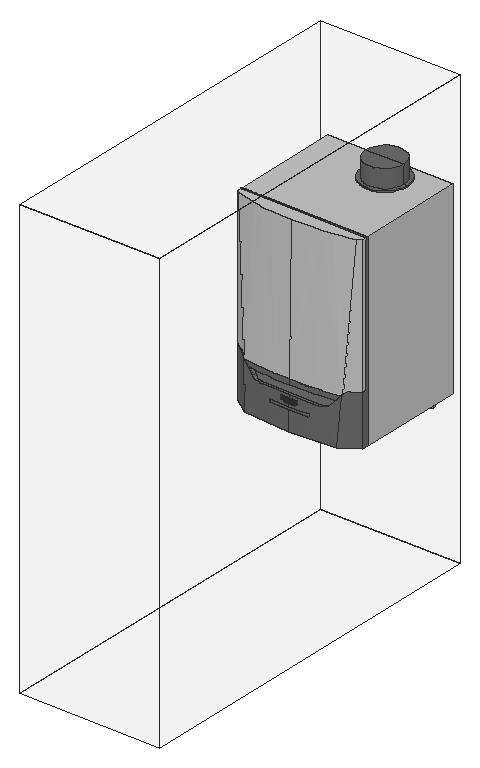
Revit family "Remeha_QuintaAce65_LOD5", category Mechanical Equipment, Revit 2016
Family settings
  Part Type = Normal
  Round Connector Dimension = Use Diameter
  OmniClass Number = 23.75.10.11.14
  OmniClass Title = Hot Water Heat Generators
  Work Plane-Based = No
  Always vertical = Yes
  Cut with Voids When Loaded = Yes
  Shared = No
  Room Calculation Point = No
Parameters (values of type "100/150 Concentric Flue Connection - 150 Connector")
  Weekly = ""
  Water Treatment Required = yes
  Water Content = 6.4 L
  Warranty ID = ""
  Voltage = 230 V
  URL = ""
  Type = "Space heating"
  Turndown Ratio = "5.08:1"
  Text Material = Paint - Black
  Supply Phase = 1
  Starting Current = 0 A
  Sound Pressure Level = "46.7"
  Shipping Weight = 66.50 kg
  Shape = "Rectangular (Vertical)"
  Safety Valve Connection Type = "Unset"
  Safety Valve Connection Size = 0.00 mm
  Responsible Sourcing of Materials = ""
  Responsible Extraction of Materials = ""
  Reference Standard = "GAR 2016/426, BED 92/42/EEC, ErP 2009/125/EC"
  Rated Output = 61500 W
  Rated Criteria = "80/60"
  Quarterly = ""
  Product Range = "Quinta Ace 65"
  Product Model Number = ""
  Product Literature = "https://www.remeha.co.uk/products/wall-hung-range/quinta-ace-30-115"
  Primary Fuel = "Gas - NG"
  Overall Width = 500.00 mm
  Overall Length = 500.00 mm
  Overall Height = 750.00 mm
  Optional Fuel = "LPG"
  Operation and Maintenance Manual = "https://www.remeha.co.uk/products/wall-hung-range/quinta-ace-30-115"
  Oil Consumption rate = 0
  Nominal Oil Inlet Pressure = 0.00000 bar
  Nominal Gas Inlet Pressure = 0.02000 bar
  NOx Emissions = "36"
  Mounting = "Wall Mounted"
  Monthly = ""
  Model = ""
  Minimum Power Consumption = 26 W
  Minimum Operating Pressure = 0.80000 bar
  Minimum Oil Inlet Pressure = 0.00000 bar
  Minimum Gas Inlet Pressure = 0.01700 bar
  Minimum Flow Rate at 20C temperature differential = 0.74 L/s
  Minimum Flow Rate at 11C temperature differential = 1.34 L/s
  Maximum Power Consumption = 89 W
  Maximum Operating Pressure = 4.00000 bar
  Maximum Oil Inlet Pressure = 0.00000 bar
  Maximum Gas Inlet Pressure = 0.02500 bar
  Material Ingredient Reporting = ""
  Manufacturer Website = "www.remeha.co.uk"
  Manufacturer = "Remeha Commercial"
  Maintenance Required 8001 to 12000hrs = ""
  Maintenance Required 601 to 1000hrs = ""
  Maintenance Required 4001 to 8000hrs = ""
  Maintenance Required 301 to 600hrs = ""
  Maintenance Required 2001 to 4000hrs = ""
  Maintenance Required 1001 to 2000hrs = ""
  Maintenance Required 0 to 300hrs = ""
  Location of Manufacturer = ""
  Load Classification = none
  Life Cycle Analysis = ""
  Interlocks = yes
  IfcExportType = "NOTDEFINED"  # constant formula
  IfcExportAs = "IfcBoilerType"  # constant formula
  IP Rating = "X4D"
  IK Rating = "Not Required"
  Hydraulic Resistance at 20C temperature differential = 0.16300 bar
  Hydraulic Resistance at 11C temperature differential = 0.53900 bar
  Heater Operation = "Condensing"
  Heat Exchanger Material = "Aluminium"
  Gross Weight = 62.40 kg
  Green Guide for Specification = ""
  Gas Consumption rate = "6.6"
  Fuse Rating = 2.5 A
  Full Load Current = 0 A
  Fuel Connection Type = "Threaded"
  Fuel Connection Size = 20.00 mm
  Frequency = 50 Hz
  Flue or Air Intake Classification = "B23P,B33,C13,C33,C53,C63,C93"
  Flue Radius = Air Inlet Connection Size / 2  # 75.00 mm
  Flue Connector Size = 150 mm
  Flue Connection size = 100.00 mm
  Flow and Return Connection Type = "Threaded"
  Flow and Return Connection Size = 32.00 mm
  Finish = "High Polish Gardner 60 GRAD 91EH"
  Features = "Remeha's Quinta Pro range are compact high efficiency wall hung condensing boilers. Lighter and more efficienct, their small size make them ideally suited to modular arrangments"
  External Material = "Steel"
  Expected Life = "15"
  ErP Seasonal Efficiency = "94"
  ErP Rated Efficiency at Part Load = "0"
  ErP Rated Efficiency at Full Load = "0"
  ErP Energy Label = "A"
  Environmental Product Declaration = ""
  Energy Technology List = "0"
  Embodied Carbon = ""
  Drain Connection Type = "Unset"
  Drain Connection Size = 25.00 mm
  Description = ""
  Daily = ""
  Control Type = "'0 - 10V, Open Therm, Volt free enable, Direct boiler weather compensating control systems available from Remeha as optional extra's."
  Configuration = "Single boiler"
  Condensate Drain Type = "Plain"
  Condensate Drain Size = 32.00 mm
  Colour = "RAL 9016"
  Clearance Box Visibility [instance] = yes
  Classification.Uniclass.Pr.Number [instance] = "Pr_60_60_08_34"
  Classification.Uniclass.Pr.Description [instance] = "Gas fired Condensing Boilers"
  CE Mark = "0063CS3928"
  Burner Control Type = "Modulating"
  Building Regulations Seasonal Efficiency = "97.58"
  Bespoke Timeframe = ""
  BMS Links = yes
  Annually = "As Per Attached URL O&M Manual"
  Air Inlet Connection Size = 150.00 mm
  Additional Technical Details = "https://www.remeha.co.uk/products/wall-hung-range/quinta-ace-30-115"
  Access Clearance Top = 400.00 mm
  Access Clearance Right = 30.00 mm
  Access Clearance Rear = 0.00 mm
  Access Clearance Left = 30.00 mm
  Access Clearance Front = 1000.00 mm
  Access Clearance Bottom = 600.00 mm
  6 Monthly = ""
Types (2, lengths in mm): name | Flue Connector Size
  100/150 Conventional Flue Connection - 100 Connector | 100
  100/150 Concentric Flue Connection - 150 Connector | 150
Reference planes
  plane 1 "Center (Front/Back)": y = 0
  plane 2: z = 0
  plane 3 "Center (Left/Right)": x = 0
  plane 4: y = -50
  plane 5: y = -75
  plane 6: x = -115
  plane 7: x = 59
  plane 8: x = 119.4
  plane 9: x = 200
  plane 10: x = 250
  plane 11: y = -101
  plane 12: x = -250
  plane 13: y = -500
  plane 14: x = -280
  plane 15: x = 280
  plane 16: y = -1500
  plane 17: y = 0
  plane 18: z = 750
  plane 19: z = 1150
  plane 20: z = -600
  plane 21: z = 824.467
Forms (mm)
  Sweep 1, solid, material "101_240_115"
    path origin (453.507, -50, 3000) x (1, 0, 0) y (0, 0, 1)
      loop
        line (-568.507, -3039.462) -> (-568.507, -3000)
    profile origin (-115, -50, -19.731) x (-1, 0, 0) y (0, -1, 0)
      loop
        circle (0, 0) r 21.2
  Sweep 2, solid
    path origin (453.507, -75, 3000) x (1, 0, 0) y (0, 0, 1)
      loop
        line (-394.507, -3012.462) -> (-394.507, -3000)
    profile origin (59, -75, -6.231) x (-1, 0, 0) y (0, -1, 0)
      loop
        circle (0, 0) r 16.25
  Sweep 3, solid, material "229_0_0"
    path origin (687.907, -50, 3000) x (1, 0, 0) y (0, 0, 1)
      loop
        line (-568.507, -3039.662) -> (-568.507, -3000)
    profile origin (119.4, -50, -19.831) x (-1, 0, 0) y (0, -1, 0)
      loop
        circle (0, 0) r 21.2
  Sweep 4, solid, material "229_229_0"
    path origin (768.507, -50, 3000) x (1, 0, 0) y (0, 0, 1)
      loop
        line (-568.507, -3040) -> (-568.507, -3000)
    profile origin (200, -50, -20) x (-1, 0, 0) y (0, -1, 0)
      loop
        circle (0, 0) r 13.5
  Revolve 5, solid, material "51_51_51"
    sketch origin (453.507, -101, 2990) x (1, 0, 0) y (0, 0, 1)
      loop
        line (-394.507, -2240) -> (-303.507, -2240) -> (-303.507, -2236.533) -> (-319.507, -2236.533) -> (-319.507, -2165.533) -> (-394.507, -2165.533) -> (-394.507, -2240)
      axis (-394.507, -2165.533) -> (-394.507, -2240)
    angle from 0 to 360
  Extrusion 6, solid, material "192_192_192"
    sketch origin (0, 5.687, 0) x (1, 0, 0) y (0, 1, 0)
      loop
        line (-250, -5.687) -> (-250, -432.687) -> (250, -432.687) -> (250, -5.687) -> (-250, -5.687)
    from 0 to 750
  Blend 7, solid, material "51_51_51"
    base sketch origin (0, 5.69, 0) x (1, 0, 0) y (0, 1, 0)
      loop
        line (249.735, -456.82) -> (250.139, -433.688) -> (-250.139, -433.688) -> (-249.735, -456.82) -> (-184.568, -502.286)
        arc (-184.568, -502.286) -> (-92.429, -510.231) -> (0, -513.311) r 1755.189
        arc (0, -513.311) -> (92.429, -510.231) -> (184.568, -502.286) r 1755.189
        line (184.568, -502.286) -> (249.735, -456.82)
    top sketch origin (0, 5.69, 0) x (1, 0, 0) y (0, 1, 0)
      loop
        line (250.139, -433.688) -> (-250.139, -433.688) -> (-249.716, -457.885) -> (-235.73, -467.643)
        arc (-235.73, -467.643) -> (-118.82, -490.038) -> (0, -497.214) r 923.864
        arc (0, -497.214) -> (118.82, -490.038) -> (235.73, -467.643) r 923.864
        line (235.73, -467.643) -> (249.716, -457.885) -> (250.139, -433.688)
    from 0 to 750
  Extrusion 8, void
    sketch origin (0, 0, 0) x (1, 0, 0) y (0, 0, 1)
      loop
        arc (-216.741, 202.277) -> (-209.657, 200.826) -> (-203.818, 196.561) r 17
        line (-203.818, 196.561) -> (-154.08, 141.623)
        arc (-154.08, 141.623) -> (-140.311, 131.663) -> (-123.686, 128.141) r 41
        line (-123.686, 128.141) -> (123.686, 128.141)
        arc (123.686, 128.141) -> (140.311, 131.663) -> (154.08, 141.623) r 41
        line (154.08, 141.623) -> (203.818, 196.561)
        arc (203.818, 196.561) -> (209.657, 200.826) -> (216.741, 202.277) r 17
        line (216.741, 202.277) -> (251.211, 201.857) -> (251.211, 781.159) -> (-251, 781.159) -> (-251, 201.86) -> (-216.741, 202.277)
      loop
        line (-190.992, 184.8) -> (-177.118, 169.664)
        arc (-177.118, 169.664) -> (-172.1, 166.07) -> (-166.06, 164.8) r 15
        line (-166.06, 164.8) -> (166.06, 164.8)
        arc (166.06, 164.8) -> (172.1, 166.07) -> (177.118, 169.664) r 15
        line (177.118, 169.664) -> (190.992, 184.8) -> (-190.992, 184.8)
    from 433.688 to 506.661
  Extrusion 9, void
    sketch origin (0, 5.69, 0) x (0, 1, 0) y (0, 0, 1)
      loop
        line (-507.075, 87.668) -> (-512.351, 87.668) -> (-512.351, 74.979) -> (-507.075, 74.979) -> (-507.075, 87.668)
    from -80 to 80
  Extrusion 10, solid, material "51_51_51"
    sketch origin (0, 5.69, 0) x (0, 1, 0) y (0, 0, 1)
      loop
        line (-494.881, 127.103) -> (-439.378, 127.103) -> (-439.378, 169.103) -> (-474.396, 169.103) -> (-494.881, 127.103)
    from -180 to 180
  Blend 11, solid, material "192_192_192"
    base sketch origin (0, 5.69, 0) x (1, 0, 0) y (0, 1, 0)
      loop
        line (249.735, -456.82) -> (250.139, -433.688) -> (-250.139, -433.688) -> (-249.735, -456.82) -> (-184.568, -502.286)
        arc (-184.568, -502.286) -> (-92.429, -510.231) -> (0, -513.311) r 1755.189
        arc (0, -513.311) -> (92.429, -510.231) -> (184.568, -502.286) r 1755.189
        line (184.568, -502.286) -> (249.735, -456.82)
    top sketch origin (0, 5.69, 0) x (1, 0, 0) y (0, 1, 0)
      loop
        line (250.139, -433.688) -> (-250.139, -433.688) -> (-249.716, -457.885) -> (-235.73, -467.643)
        arc (-235.73, -467.643) -> (-118.82, -490.038) -> (0, -497.214) r 923.864
        arc (0, -497.214) -> (118.82, -490.038) -> (235.73, -467.643) r 923.864
        line (235.73, -467.643) -> (249.716, -457.885) -> (250.139, -433.688)
    from 0 to 750
  Extrusion 12, void
    sketch origin (1400, 0, 0) x (1, 0, 0) y (0, 0, 1)
      loop
        line (-1651, 0) -> (-1148.789, 0) -> (-1148.789, 203.538) -> (-1183.579, 203.961)
        arc (-1183.579, 203.961) -> (-1191.131, 202.462) -> (-1197.432, 198.036) r 18.627
        line (-1197.432, 198.036) -> (-1206.67, 188.061)
        arc (-1206.67, 188.061) -> (-1208.371, 186.852) -> (-1210.413, 186.426) r 5.101
        line (-1210.413, 186.426) -> (-1400, 186.426) -> (-1589.587, 186.426)
        arc (-1589.587, 186.426) -> (-1591.629, 186.852) -> (-1593.33, 188.061) r 5.101
        line (-1593.33, 188.061) -> (-1602.568, 198.036)
        arc (-1602.568, 198.036) -> (-1608.869, 202.462) -> (-1616.421, 203.961) r 18.627
        line (-1616.421, 203.961) -> (-1651, 203.54) -> (-1651, 0)
    from 433.69 to 511.105
  Extrusion 13, solid, material "Clearance", visible <- "Clearance Box Visibility"
    sketch origin (0, 0, 0) x (1, 0, 0) y (0, 1, 0)
      loop
        line (-280, 0) -> (-280, -1500) -> (280, -1500) -> (280, 0) -> (-280, 0)
    from -600 to 1150
  Extrusion 14, solid, material "Paint - Black" <- "Text Material"
    sketch origin (0, 0, 0) x (1, 0, 0) y (0, 0, 1)
      loop
        line (-30.625, 120.395) -> (-30.625, 118.213) -> (30.625, 118.213) -> (30.625, 120.395) -> (-30.625, 120.395)
      loop
        line (-30.625, 106.032) -> (30.625, 106.032) -> (30.625, 108.213) -> (-30.625, 108.213) -> (-30.625, 106.032)
      loop
        line (-28.307, 116.676) -> (-28.307, 109.282) -> (-20.805, 109.282) -> (-20.805, 112.183) -> (-19.053, 112.183)
        arc (-19.053, 112.183) -> (-18.314, 111.847) -> (-18.083, 111.068) r 0.979
        arc (-18.083, 111.068) -> (-18.083, 110.157) -> (-17.832, 109.282) r 3.272
        line (-17.832, 109.282) -> (-16.376, 109.282)
        arc (-16.376, 109.282) -> (-16.561, 110.336) -> (-16.618, 111.404) r 8.915
        arc (-16.618, 111.404) -> (-16.885, 112.268) -> (-17.601, 112.822) r 1.5
        arc (-17.601, 112.822) -> (-16.323, 115.034) -> (-18.28, 116.676) r 1.987
        line (-18.28, 116.676) -> (-20.805, 116.676) -> (-28.307, 116.676)
      loop
        line (-20.805, 115.402) -> (-20.805, 113.382) -> (-18.787, 113.382)
        arc (-18.787, 113.382) -> (-18.37, 113.534) -> (-18.148, 113.918) r 0.649
        arc (-18.148, 113.918) -> (-18.033, 114.426) -> (-18.159, 114.93) r 1.124
        arc (-18.159, 114.93) -> (-18.505, 115.276) -> (-18.976, 115.402) r 0.944
        line (-18.976, 115.402) -> (-20.805, 115.402)
      loop
        line (-26.948, 115.402) -> (-26.948, 110.655) -> (-22.202, 110.655) -> (-22.202, 115.402) -> (-26.948, 115.402)
      loop
        line (-9.068, 114.754) -> (-10.47, 114.754) -> (-10.47, 109.282) -> (-8.958, 109.282) -> (-8.958, 112.222)
        arc (-8.958, 112.222) -> (-8.681, 113.022) -> (-7.968, 113.478) r 1.291
        arc (-7.968, 113.478) -> (-7.458, 113.497) -> (-6.98, 113.316) r 1.291
        line (-6.98, 113.316) -> (-6.98, 114.889)
        arc (-6.98, 114.889) -> (-8.226, 114.723) -> (-9.068, 113.79) r 1.823
        line (-9.068, 113.79) -> (-9.068, 114.754)
      loop
        line (-5.139, 111.705) -> (-1.277, 111.705)
        arc (-1.277, 111.705) -> (-3.967, 114.88) -> (-6.562, 111.627) r 2.694
        arc (-6.562, 111.627) -> (-4.23, 109.192) -> (-1.394, 111.016) r 2.651
        line (-1.394, 111.016) -> (-2.704, 111.016)
        arc (-2.704, 111.016) -> (-4.224, 110.293) -> (-5.139, 111.705) r 1.276
      loop
        line (-5.147, 112.62) -> (-2.707, 112.62)
        arc (-2.707, 112.62) -> (-3.927, 113.841) -> (-5.147, 112.62) r 1.22
      loop
        line (1.337, 113.988) -> (1.337, 114.776) -> (-0.066, 114.776) -> (-0.066, 109.389) -> (1.396, 109.389) -> (1.396, 112.819)
        arc (1.396, 112.819) -> (2.357, 113.78) -> (3.318, 112.819) r 0.961
        line (3.318, 112.819) -> (3.318, 109.389) -> (4.781, 109.389) -> (4.781, 112.819)
        arc (4.781, 112.819) -> (5.723, 113.761) -> (6.665, 112.819) r 0.942
        line (6.665, 112.819) -> (6.665, 109.389) -> (8.107, 109.389) -> (8.107, 112.925)
        arc (8.107, 112.925) -> (8.131, 113.503) -> (7.91, 114.038) r 1.349
        arc (7.91, 114.038) -> (6.224, 114.92) -> (4.538, 114.038) r 2.053
        arc (4.538, 114.038) -> (2.923, 114.936) -> (1.337, 113.988) r 1.848
      loop
        line (10.835, 111.705) -> (14.697, 111.705)
        arc (14.697, 111.705) -> (12.007, 114.88) -> (9.413, 111.627) r 2.694
        arc (9.413, 111.627) -> (11.745, 109.192) -> (14.58, 111.016) r 2.651
        line (14.58, 111.016) -> (13.271, 111.016)
        arc (13.271, 111.016) -> (11.751, 110.293) -> (10.835, 111.705) r 1.276
      loop
        line (10.827, 112.62) -> (13.268, 112.62)
        arc (13.268, 112.62) -> (12.048, 113.841) -> (10.827, 112.62) r 1.22
      loop
        line (17.364, 116.805) -> (15.821, 116.805) -> (15.821, 109.416) -> (17.364, 109.416) -> (17.364, 112.62)
        arc (17.364, 112.62) -> (18.386, 113.878) -> (19.408, 112.62) r 1.044
        line (19.408, 112.62) -> (19.408, 109.416) -> (20.934, 109.416) -> (20.934, 113.081)
        arc (20.934, 113.081) -> (19.516, 114.929) -> (17.364, 114.038) r 1.913
        line (17.364, 114.038) -> (17.364, 116.805)
      loop
        line (22.242, 113.094) -> (23.722, 113.094)
        arc (23.722, 113.094) -> (23.883, 113.574) -> (24.311, 113.847) r 0.76
        arc (24.311, 113.847) -> (24.781, 113.923) -> (25.255, 113.868) r 1.739
        arc (25.255, 113.868) -> (25.672, 113.375) -> (25.347, 112.817) r 0.559
        arc (25.347, 112.817) -> (24.586, 112.573) -> (23.79, 112.514) r 3.395
        arc (23.79, 112.514) -> (23.01, 112.359) -> (22.39, 111.862) r 1.672
        arc (22.39, 111.862) -> (22.047, 110.754) -> (22.507, 109.69) r 1.672
        arc (22.507, 109.69) -> (23.456, 109.312) -> (24.477, 109.296) r 2.817
        arc (24.477, 109.296) -> (25.226, 109.546) -> (25.673, 110.197) r 1.24
        arc (25.673, 110.197) -> (25.722, 109.795) -> (25.841, 109.407) r 2.328
        line (25.841, 109.407) -> (27.312, 109.407)
        arc (27.312, 109.407) -> (27.148, 109.949) -> (27.093, 110.512) r 2.901
        line (27.093, 110.512) -> (27.093, 113.568)
        arc (27.093, 113.568) -> (26.736, 114.43) -> (25.874, 114.787) r 1.219
        arc (25.874, 114.787) -> (24.773, 114.91) -> (23.672, 114.787) r 4.994
        arc (23.672, 114.787) -> (22.673, 114.18) -> (22.242, 113.094) r 1.837
      loop
        arc (23.575, 111.229) -> (23.583, 110.746) -> (23.888, 110.371) r 0.737
        arc (23.888, 110.371) -> (24.388, 110.254) -> (24.895, 110.337) r 1.324
        arc (24.895, 110.337) -> (25.433, 110.755) -> (25.637, 111.405) r 1.14
        line (25.637, 111.405) -> (25.637, 112.191)
        arc (25.637, 112.191) -> (25.209, 111.86) -> (24.672, 111.801) r 0.999
        arc (24.672, 111.801) -> (24.028, 111.698) -> (23.575, 111.229) r 1.029
      loop
        line (-14.73, 105.293) -> (-14.73, 102.893)
        arc (-14.73, 102.893) -> (-14.262, 101.761) -> (-13.13, 101.293) r 1.6
        line (-13.13, 101.293) -> (-11.33, 101.293)
        arc (-11.33, 101.293) -> (-10.199, 101.761) -> (-9.73, 102.893) r 1.6
        line (-9.73, 102.893) -> (-9.73, 105.293) -> (-10.73, 105.293) -> (-10.73, 102.893)
        arc (-10.73, 102.893) -> (-10.965, 102.327) -> (-11.53, 102.093) r 0.8
        line (-11.53, 102.093) -> (-12.93, 102.093)
        arc (-12.93, 102.093) -> (-13.496, 102.327) -> (-13.73, 102.893) r 0.8
        line (-13.73, 102.893) -> (-13.73, 105.293) -> (-14.73, 105.293)
      loop
        line (23.957, 105.293) -> (19.757, 105.293) -> (19.757, 101.293) -> (23.957, 101.293) -> (23.957, 102.093) -> (20.757, 102.093) -> (20.757, 102.893) -> (23.957, 102.893) -> (23.957, 103.693) -> (20.757, 103.693) -> (20.757, 104.493) -> (23.957, 104.493) -> (23.957, 105.293)
      loop
        line (14.257, 103.693) -> (14.257, 102.893)
        arc (14.257, 102.893) -> (14.726, 101.761) -> (15.857, 101.293) r 1.6
        line (15.857, 101.293) -> (17.657, 101.293)
        arc (17.657, 101.293) -> (18.789, 101.761) -> (19.257, 102.893) r 1.6
        line (19.257, 102.893) -> (18.257, 102.893)
        arc (18.257, 102.893) -> (18.023, 102.327) -> (17.457, 102.093) r 0.8
        line (17.457, 102.093) -> (16.057, 102.093)
        arc (16.057, 102.093) -> (15.492, 102.327) -> (15.257, 102.893) r 0.8
        line (15.257, 102.893) -> (15.257, 103.693)
        arc (15.257, 103.693) -> (15.492, 104.259) -> (16.057, 104.493) r 0.8
        line (16.057, 104.493) -> (17.457, 104.493)
        arc (17.457, 104.493) -> (18.023, 104.259) -> (18.257, 103.693) r 0.8
        line (18.257, 103.693) -> (19.257, 103.693)
        arc (19.257, 103.693) -> (18.789, 104.824) -> (17.657, 105.293) r 1.6
        line (17.657, 105.293) -> (15.857, 105.293)
        arc (15.857, 105.293) -> (14.726, 104.824) -> (14.257, 103.693) r 1.6
      loop
        line (10.851, 105.293) -> (9.07, 101.293) -> (10.164, 101.293) -> (10.521, 102.093) -> (12.619, 102.093) -> (12.975, 101.293) -> (14.07, 101.293) -> (12.289, 105.293) -> (10.851, 105.293)
      loop
        line (10.877, 102.893) -> (12.263, 102.893) -> (11.57, 104.449) -> (10.877, 102.893)
      loop
        line (-20.23, 103.693) -> (-20.23, 102.893)
        arc (-20.23, 102.893) -> (-19.762, 101.761) -> (-18.63, 101.293) r 1.6
        line (-18.63, 101.293) -> (-16.83, 101.293)
        arc (-16.83, 101.293) -> (-16.428, 101.344) -> (-16.052, 101.495) r 1.6
        line (-16.052, 101.495) -> (-15.593, 100.84) -> (-14.937, 101.299) -> (-15.467, 102.055)
        arc (-15.467, 102.055) -> (-15.291, 102.458) -> (-15.23, 102.893) r 1.6
        line (-15.23, 102.893) -> (-15.23, 103.693)
        arc (-15.23, 103.693) -> (-15.699, 104.824) -> (-16.83, 105.293) r 1.6
        line (-16.83, 105.293) -> (-18.63, 105.293)
        arc (-18.63, 105.293) -> (-19.762, 104.824) -> (-20.23, 103.693) r 1.6
      loop
        line (-19.23, 103.693) -> (-19.23, 102.893)
        arc (-19.23, 102.893) -> (-18.996, 102.327) -> (-18.43, 102.093) r 0.8
        line (-18.43, 102.093) -> (-17.03, 102.093)
        arc (-17.03, 102.093) -> (-16.465, 102.327) -> (-16.23, 102.893) r 0.8
        line (-16.23, 102.893) -> (-16.23, 103.693)
        arc (-16.23, 103.693) -> (-16.465, 104.259) -> (-17.03, 104.493) r 0.8
        line (-17.03, 104.493) -> (-18.43, 104.493)
        arc (-18.43, 104.493) -> (-18.996, 104.259) -> (-19.23, 103.693) r 0.8
      loop
        line (-9.23, 105.293) -> (-9.23, 101.293) -> (-8.23, 101.293) -> (-8.23, 105.293) -> (-9.23, 105.293)
      loop
        line (-7.73, 105.293) -> (-7.73, 101.293) -> (-6.73, 101.293) -> (-6.73, 104.493) -> (-4.405, 101.293) -> (-2.73, 101.293) -> (-2.73, 105.293) -> (-3.73, 105.293) -> (-3.73, 102.093) -> (-6.055, 105.293) -> (-7.73, 105.293)
      loop
        line (-2.23, 105.293) -> (-2.23, 104.493) -> (-0.23, 104.493) -> (-0.23, 101.293) -> (0.77, 101.293) -> (0.77, 104.493) -> (2.77, 104.493) -> (2.77, 105.293) -> (-2.23, 105.293)
      loop
        line (3.851, 105.293) -> (2.07, 101.293) -> (3.164, 101.293) -> (3.521, 102.093) -> (5.619, 102.093) -> (5.975, 101.293) -> (7.07, 101.293) -> (5.289, 105.293) -> (3.851, 105.293)
      loop
        line (3.877, 102.893) -> (5.263, 102.893) -> (4.57, 104.449) -> (3.877, 102.893)
    from 505 to 506.998
Cuts and joins
  Extrusion 8, Extrusion 9 cuts Blend 7
  joined: Blend 7, Extrusion 10
  Extrusion 12 cuts Blend 11
Dimensions and locks
  locked: plane 4 to plane 1 "Center (Front/Back)" at 50
  locked: plane 5 to plane 1 "Center (Front/Back)" at 75
  locked: plane 9 to plane 10 at 50
  locked: plane 8 to plane 10 at 130.6
  locked: plane 7 to plane 10 at 191
  locked: plane 6 to plane 10 at 365
  locked: plane 11 to plane 1 "Center (Front/Back)" at 101
  "Flue Radius": Revolve 5 sketch curve to plane 7
  locked: Revolve 5 sketch curve to plane 7 at 91
  equal spacing: plane 12, plane 3 "Center (Left/Right)", plane 10
  locked: plane 13 to plane 1 "Center (Front/Back)" at 500
  "Access Clearance Front": plane 16 to plane 13
  "Access Clearance Rear": plane 1 "Center (Front/Back)" to plane 17
  locked: plane 12 to plane 10 at 500
  "Access Clearance Right": plane 10 to plane 15
  "Access Clearance Left": plane 14 to plane 12
  "Overall Height": plane 18 to plane 2
  "Access Clearance Bottom": plane 2 to plane 20
  "Access Clearance Top": plane 19 to plane 18
  locked: plane 21 to plane 18 at 74.467
  plane 3 "Center (Left/Right)" to Extrusion 13 = 280.00 mm
  aligned and locked: level to plane 2
  aligned and locked: plane 6 to Sweep 1 sketch curve
  aligned and locked: profile plane to Sweep 1 sketch curve  (x2)
  aligned and locked: profile plane to Sweep 2 sketch curve  (x2)
  aligned and locked: Sweep 2 sketch curve to plane 7
  aligned and locked: profile plane to Sweep 3 sketch curve  (x2)
  aligned and locked: plane 8 to Sweep 3 sketch curve
  aligned and locked: profile plane to Sweep 4 sketch curve  (x2)
  aligned and locked: plane 9 to Sweep 4 sketch curve
  aligned and locked: Revolve 5 sketch curve to plane 7
  aligned and locked: plane 17 to Extrusion 13 sketch curve
  aligned and locked: plane 14 to Extrusion 13 sketch curve
  aligned and locked: Extrusion 13 sketch curve to plane 15
  aligned and locked: Extrusion 13 sketch curve to plane 16
  aligned and locked: Revolve 5 to plane 21
  aligned and locked: Revolve 5 to plane 18
  aligned and locked: Extrusion 13 to plane 19
Automatic sketch dimensions
  Sweep 1 sketch curve to level = 0.00 mm
  Sweep 1 sketch curve to level = 39.462 mm
  Sweep 2 sketch curve to level = 0.00 mm
  Sweep 2 sketch curve to level = 12.462 mm
  Sweep 3 sketch curve to level = 0.00 mm
  Sweep 3 sketch curve to Sweep 3 sketch curve = 39.662 mm
  Sweep 4 sketch curve to level = 0.00 mm
  Sweep 4 sketch curve to Sweep 4 sketch curve = 40.00 mm
  Extrusion 6 sketch curve to plane 10 = 0.00 mm
  plane 1 "Center (Front/Back)" to Extrusion 6 sketch curve = 0.00 mm
  Extrusion 6 sketch curve to plane 6 = 135.00 mm
  plane 11 to Extrusion 6 sketch curve = 326.00 mm
  Blend 7 sketch curve to plane 3 "Center (Left/Right)" = 0.00 mm  (x2)
  Blend 7 sketch curve to plane 3 "Center (Left/Right)" = 12.233 mm
  Blend 7 sketch curve to plane 6 = 69.568 mm
  Blend 7 sketch curve to Blend 7 sketch curve = 65.167 mm
  Blend 7 sketch curve to Blend 7 sketch curve = 0.404 mm
  plane 3 "Center (Left/Right)" to Blend 7 sketch curve = 12.233 mm
  Blend 7 sketch curve to plane 9 = 15.432 mm
  Blend 7 sketch curve to plane 10 = 0.265 mm
  plane 10 to Blend 7 sketch curve = 0.139 mm  (x2)
  plane 11 to Blend 7 sketch curve = 395.596 mm
  Blend 7 sketch curve to Blend 7 sketch curve = 0.00 mm
  Blend 7 sketch curve to Blend 7 sketch curve = 45.466 mm  (x2)
  Blend 7 sketch curve to Blend 7 sketch curve = 23.133 mm
  Blend 7 sketch curve to plane 1 "Center (Front/Back)" = 1247.525 mm
  Blend 7 sketch curve to plane 3 "Center (Left/Right)" = 3.828 mm
  Blend 7 sketch curve to plane 6 = 120.73 mm
  Blend 7 sketch curve to Blend 7 sketch curve = 13.986 mm
  Blend 7 sketch curve to Blend 7 sketch curve = 0.422 mm
  plane 3 "Center (Left/Right)" to Blend 7 sketch curve = 3.828 mm
  Blend 7 sketch curve to plane 10 = 14.27 mm
  Blend 7 sketch curve to plane 10 = 0.284 mm
  plane 11 to Blend 7 sketch curve = 360.953 mm
  plane 1 "Center (Front/Back)" to Blend 7 sketch curve = 461.953 mm
  Blend 7 sketch curve to Blend 7 sketch curve = 9.758 mm  (x2)
  Blend 7 sketch curve to Blend 7 sketch curve = 24.198 mm
  Blend 7 sketch curve to plane 1 "Center (Front/Back)" = 432.332 mm
  Extrusion 8 sketch curve to plane 6 = 136.00 mm
  Extrusion 8 sketch curve to Extrusion 8 sketch curve = 34.259 mm
  Extrusion 8 sketch curve to Extrusion 8 sketch curve = 0.207 mm
  Extrusion 8 sketch curve to Extrusion 8 sketch curve = 12.923 mm  (x2)
  Extrusion 8 sketch curve to Extrusion 8 sketch curve = 12.826 mm
  Extrusion 8 sketch curve to Extrusion 8 sketch curve = 13.874 mm
  Extrusion 8 sketch curve to Extrusion 8 sketch curve = 11.057 mm  (x2)
  Extrusion 8 sketch curve to Extrusion 8 sketch curve = 11.98 mm  (x2)
  Extrusion 8 sketch curve to plane 6 = 8.686 mm
  plane 8 to Extrusion 8 sketch curve = 4.286 mm
  Extrusion 8 sketch curve to Extrusion 8 sketch curve = 30.394 mm
  Extrusion 8 sketch curve to plane 9 = 9.008 mm
  plane 9 to Extrusion 8 sketch curve = 3.818 mm
  plane 9 to Extrusion 8 sketch curve = 16.534 mm
  plane 10 to Extrusion 8 sketch curve = 1.211 mm
  level to Extrusion 8 sketch curve = 128.141 mm
  Extrusion 8 sketch curve to Extrusion 8 sketch curve = 13.483 mm  (x2)
  Extrusion 8 sketch curve to Extrusion 8 sketch curve = 23.177 mm
  Extrusion 8 sketch curve to Extrusion 8 sketch curve = 4.864 mm  (x2)
  Extrusion 8 sketch curve to Extrusion 8 sketch curve = 15.136 mm
  Extrusion 8 sketch curve to Extrusion 8 sketch curve = 0.478 mm  (x2)
  Extrusion 8 sketch curve to Extrusion 8 sketch curve = 11.283 mm  (x2)
  Extrusion 8 sketch curve to Extrusion 8 sketch curve = 0.42 mm
  Extrusion 8 sketch curve to Extrusion 8 sketch curve = 0.417 mm
  Extrusion 8 sketch curve to Extrusion 8 sketch curve = 579.299 mm
  level to Extrusion 9 sketch curve = 87.668 mm
  plane 11 to Extrusion 9 sketch curve = 405.661 mm
  Extrusion 9 sketch curve to Extrusion 9 sketch curve = 5.277 mm
  Extrusion 9 sketch curve to Extrusion 9 sketch curve = 12.689 mm
  level to Extrusion 10 sketch curve = 127.103 mm
  plane 11 to Extrusion 10 sketch curve = 388.191 mm
  Extrusion 10 sketch curve to Extrusion 10 sketch curve = 20.485 mm
  Extrusion 10 sketch curve to Extrusion 10 sketch curve = 35.018 mm
  Extrusion 10 sketch curve to Extrusion 10 sketch curve = 42.00 mm
  Blend 11 sketch curve to plane 3 "Center (Left/Right)" = 0.00 mm  (x2)
  Blend 11 sketch curve to plane 3 "Center (Left/Right)" = 12.233 mm
  Blend 11 sketch curve to plane 6 = 69.568 mm
  Blend 11 sketch curve to Blend 11 sketch curve = 65.167 mm
  Blend 11 sketch curve to Blend 11 sketch curve = 0.404 mm
  plane 3 "Center (Left/Right)" to Blend 11 sketch curve = 12.233 mm
  Blend 11 sketch curve to plane 9 = 15.432 mm
  Blend 11 sketch curve to plane 10 = 0.265 mm
  plane 10 to Blend 11 sketch curve = 0.139 mm  (x2)
  plane 11 to Blend 11 sketch curve = 395.596 mm
  Blend 11 sketch curve to Blend 11 sketch curve = 0.00 mm
  Blend 11 sketch curve to Blend 11 sketch curve = 45.466 mm  (x2)
  Blend 11 sketch curve to Blend 11 sketch curve = 23.133 mm
  Blend 11 sketch curve to plane 1 "Center (Front/Back)" = 1247.525 mm
  Blend 11 sketch curve to plane 3 "Center (Left/Right)" = 3.828 mm
  Blend 11 sketch curve to plane 6 = 120.73 mm
  Blend 11 sketch curve to Blend 11 sketch curve = 13.986 mm
  Blend 11 sketch curve to Blend 11 sketch curve = 0.422 mm
  plane 3 "Center (Left/Right)" to Blend 11 sketch curve = 3.828 mm
  Blend 11 sketch curve to plane 10 = 14.27 mm
  Blend 11 sketch curve to plane 10 = 0.284 mm
  plane 11 to Blend 11 sketch curve = 360.953 mm
  plane 1 "Center (Front/Back)" to Blend 11 sketch curve = 461.953 mm
  Blend 11 sketch curve to Blend 11 sketch curve = 9.758 mm  (x2)
  Blend 11 sketch curve to Blend 11 sketch curve = 24.198 mm
  Blend 11 sketch curve to plane 1 "Center (Front/Back)" = 432.332 mm
  Extrusion 12 sketch curve to level = 0.00 mm
  Extrusion 12 sketch curve to plane 3 "Center (Left/Right)" = 0.00 mm
  Extrusion 12 sketch curve to plane 6 = 74.587 mm
  Extrusion 12 sketch curve to Extrusion 12 sketch curve = 3.742 mm  (x2)
  Extrusion 12 sketch curve to Extrusion 12 sketch curve = 9.238 mm
  Extrusion 12 sketch curve to Extrusion 12 sketch curve = 13.626 mm
  Extrusion 12 sketch curve to Extrusion 12 sketch curve = 13.853 mm  (x2)
  Extrusion 12 sketch curve to plane 6 = 136.00 mm
  Extrusion 12 sketch curve to plane 9 = 10.413 mm
  plane 9 to Extrusion 12 sketch curve = 2.568 mm
  plane 9 to Extrusion 12 sketch curve = 16.194 mm
  plane 10 to Extrusion 12 sketch curve = 1.211 mm
  level to Extrusion 12 sketch curve = 185.336 mm  (x2)
  Extrusion 12 sketch curve to Extrusion 12 sketch curve = 1.09 mm
  Extrusion 12 sketch curve to Extrusion 12 sketch curve = 1.635 mm  (x2)
  Extrusion 12 sketch curve to Extrusion 12 sketch curve = 9.975 mm  (x2)
  Extrusion 12 sketch curve to Extrusion 12 sketch curve = 0.424 mm
  Extrusion 12 sketch curve to Extrusion 12 sketch curve = 0.421 mm
  Extrusion 14 sketch curve to Extrusion 14 sketch curve = 0.00 mm  (x35)
  Extrusion 14 sketch curve to plane 3 "Center (Left/Right)" = 30.625 mm
  Extrusion 14 sketch curve to Extrusion 14 sketch curve = 2.318 mm
  Extrusion 14 sketch curve to Extrusion 14 sketch curve = 1.36 mm
  Extrusion 14 sketch curve to Extrusion 14 sketch curve = 4.746 mm
  Extrusion 14 sketch curve to Extrusion 14 sketch curve = 1.397 mm  (x2)
  Extrusion 14 sketch curve to Extrusion 14 sketch curve = 0.575 mm
  Extrusion 14 sketch curve to Extrusion 14 sketch curve = 1.00 mm  (x9)
  Extrusion 14 sketch curve to Extrusion 14 sketch curve = 1.648 mm
  Extrusion 14 sketch curve to Extrusion 14 sketch curve = 1.752 mm
  Extrusion 14 sketch curve to Extrusion 14 sketch curve = 0.18 mm
  Extrusion 14 sketch curve to Extrusion 14 sketch curve = 0.19 mm
  Extrusion 14 sketch curve to Extrusion 14 sketch curve = 0.60 mm  (x9)
  Extrusion 14 sketch curve to Extrusion 14 sketch curve = 0.20 mm  (x10)
  Extrusion 14 sketch curve to Extrusion 14 sketch curve = 0.696 mm
  Extrusion 14 sketch curve to Extrusion 14 sketch curve = 0.935 mm
  Extrusion 14 sketch curve to Extrusion 14 sketch curve = 0.286 mm  (x2)
  Extrusion 14 sketch curve to Extrusion 14 sketch curve = 1.40 mm  (x3)
  Extrusion 14 sketch curve to Extrusion 14 sketch curve = 1.456 mm
  Extrusion 14 sketch curve to Extrusion 14 sketch curve = 0.779 mm
  Extrusion 14 sketch curve to Extrusion 14 sketch curve = 0.459 mm
  Extrusion 14 sketch curve to Extrusion 14 sketch curve = 0.584 mm
  Extrusion 14 sketch curve to Extrusion 14 sketch curve = 0.655 mm
  Extrusion 14 sketch curve to Extrusion 14 sketch curve = 1.533 mm
  Extrusion 14 sketch curve to Extrusion 14 sketch curve = 0.50 mm  (x5)
  Extrusion 14 sketch curve to Extrusion 14 sketch curve = 4.373 mm
  Extrusion 14 sketch curve to Extrusion 14 sketch curve = 1.402 mm
  Extrusion 14 sketch curve to Extrusion 14 sketch curve = 1.512 mm
  Extrusion 14 sketch curve to Extrusion 14 sketch curve = 1.255 mm
  Extrusion 14 sketch curve to Extrusion 14 sketch curve = 0.036 mm
  Extrusion 14 sketch curve to Extrusion 14 sketch curve = 0.29 mm
  Extrusion 14 sketch curve to Extrusion 14 sketch curve = 0.396 mm
  Extrusion 14 sketch curve to Extrusion 14 sketch curve = 0.675 mm  (x2)
  Extrusion 14 sketch curve to Extrusion 14 sketch curve = 1.833 mm
  Extrusion 14 sketch curve to Extrusion 14 sketch curve = 0.008 mm  (x2)
  Extrusion 14 sketch curve to Extrusion 14 sketch curve = 2.325 mm
  Extrusion 14 sketch curve to Extrusion 14 sketch curve = 1.22 mm  (x2)
  Extrusion 14 sketch curve to Extrusion 14 sketch curve = 0.001 mm  (x2)
  Extrusion 14 sketch curve to Extrusion 14 sketch curve = 0.009 mm  (x2)
  Extrusion 14 sketch curve to Extrusion 14 sketch curve = 0.043 mm  (x2)
  Extrusion 14 sketch curve to Extrusion 14 sketch curve = 1.172 mm  (x2)
  Extrusion 14 sketch curve to Extrusion 14 sketch curve = 1.31 mm  (x2)
  Extrusion 14 sketch curve to Extrusion 14 sketch curve = 0.117 mm  (x2)
  Extrusion 14 sketch curve to plane 3 "Center (Left/Right)" = 0.23 mm
  Extrusion 14 sketch curve to plane 3 "Center (Left/Right)" = 0.066 mm
  plane 3 "Center (Left/Right)" to Extrusion 14 sketch curve = 0.77 mm
  plane 3 "Center (Left/Right)" to Extrusion 14 sketch curve = 1.337 mm
  plane 3 "Center (Left/Right)" to Extrusion 14 sketch curve = 1.396 mm
  Extrusion 14 sketch curve to Extrusion 14 sketch curve = 1.30 mm
  Extrusion 14 sketch curve to Extrusion 14 sketch curve = 0.961 mm
  Extrusion 14 sketch curve to Extrusion 14 sketch curve = 2.00 mm  (x2)
  Extrusion 14 sketch curve to Extrusion 14 sketch curve = 0.366 mm
  Extrusion 14 sketch curve to Extrusion 14 sketch curve = 1.095 mm  (x4)
  Extrusion 14 sketch curve to Extrusion 14 sketch curve = 0.356 mm  (x8)
  Extrusion 14 sketch curve to Extrusion 14 sketch curve = 1.081 mm
  Extrusion 14 sketch curve to Extrusion 14 sketch curve = 0.719 mm  (x4)
  Extrusion 14 sketch curve to Extrusion 14 sketch curve = 1.463 mm
  Extrusion 14 sketch curve to Extrusion 14 sketch curve = 1.386 mm  (x2)
  Extrusion 14 sketch curve to Extrusion 14 sketch curve = 0.942 mm
  Extrusion 14 sketch curve to Extrusion 14 sketch curve = 0.441 mm
  Extrusion 14 sketch curve to Extrusion 14 sketch curve = 0.137 mm
  Extrusion 14 sketch curve to Extrusion 14 sketch curve = 1.304 mm
  Extrusion 14 sketch curve to Extrusion 14 sketch curve = 2.721 mm
  Extrusion 14 sketch curve to Extrusion 14 sketch curve = 0.33 mm
  Extrusion 14 sketch curve to Extrusion 14 sketch curve = 1.995 mm  (x2)
  Extrusion 14 sketch curve to Extrusion 14 sketch curve = 2.553 mm
  Extrusion 14 sketch curve to Extrusion 14 sketch curve = 1.542 mm  (x2)
  Extrusion 14 sketch curve to Extrusion 14 sketch curve = 1.022 mm
  Extrusion 14 sketch curve to Extrusion 14 sketch curve = 0.635 mm
  Extrusion 14 sketch curve to Extrusion 14 sketch curve = 0.388 mm
  Extrusion 14 sketch curve to Extrusion 14 sketch curve = 1.50 mm
  Extrusion 14 sketch curve to Extrusion 14 sketch curve = 1.526 mm
  Extrusion 14 sketch curve to Extrusion 14 sketch curve = 1.309 mm
  Extrusion 14 sketch curve to Extrusion 14 sketch curve = 1.474 mm
  Extrusion 14 sketch curve to Extrusion 14 sketch curve = 1.48 mm
  Extrusion 14 sketch curve to Extrusion 14 sketch curve = 0.217 mm
  Extrusion 14 sketch curve to Extrusion 14 sketch curve = 3.20 mm  (x2)
  Extrusion 14 sketch curve to Extrusion 14 sketch curve = 0.355 mm
  Extrusion 14 sketch curve to Extrusion 14 sketch curve = 0.558 mm
  Extrusion 14 sketch curve to Extrusion 14 sketch curve = 0.158 mm
  Extrusion 14 sketch curve to Extrusion 14 sketch curve = 0.205 mm
  Extrusion 14 sketch curve to Extrusion 14 sketch curve = 0.406 mm
  Extrusion 14 sketch curve to Extrusion 14 sketch curve = 0.064 mm
  Extrusion 14 sketch curve to Extrusion 14 sketch curve = 0.024 mm
  Extrusion 14 sketch curve to Extrusion 14 sketch curve = 0.293 mm
  Extrusion 14 sketch curve to Extrusion 14 sketch curve = 0.386 mm
  Extrusion 14 sketch curve to Extrusion 14 sketch curve = 0.353 mm
  Extrusion 14 sketch curve to Extrusion 14 sketch curve = 0.28 mm
  Extrusion 14 sketch curve to Extrusion 14 sketch curve = 0.818 mm
  Extrusion 14 sketch curve to Extrusion 14 sketch curve = 1.068 mm
  Extrusion 14 sketch curve to Extrusion 14 sketch curve = 0.759 mm
  Extrusion 14 sketch curve to Extrusion 14 sketch curve = 1.219 mm
  Extrusion 14 sketch curve to Extrusion 14 sketch curve = 0.219 mm
  Extrusion 14 sketch curve to Extrusion 14 sketch curve = 0.906 mm
  Extrusion 14 sketch curve to Extrusion 14 sketch curve = 4.751 mm
  Extrusion 14 sketch curve to Extrusion 14 sketch curve = 0.631 mm
  level to Extrusion 14 sketch curve = 100.84 mm
  Extrusion 14 sketch curve to Extrusion 14 sketch curve = 0.453 mm  (x3)
  Extrusion 14 sketch curve to Extrusion 14 sketch curve = 0.80 mm  (x16)
  Extrusion 14 sketch curve to Extrusion 14 sketch curve = 1.556 mm  (x2)
  Extrusion 14 sketch curve to Extrusion 14 sketch curve = 2.40 mm  (x2)
  Extrusion 14 sketch curve to Extrusion 14 sketch curve = 0.044 mm
  Extrusion 14 sketch curve to Extrusion 14 sketch curve = 1.60 mm
  Extrusion 14 sketch curve to Extrusion 14 sketch curve = 0.844 mm
  Extrusion 14 sketch curve to Extrusion 14 sketch curve = 2.339 mm
  Extrusion 14 sketch curve to Extrusion 14 sketch curve = 2.181 mm  (x2)
  Extrusion 14 sketch curve to Extrusion 14 sketch curve = 3.989 mm  (x2)
  Extrusion 14 sketch curve to Extrusion 14 sketch curve = 1.069 mm
  Extrusion 14 sketch curve to Extrusion 14 sketch curve = 4.096 mm
  Extrusion 14 sketch curve to Extrusion 14 sketch curve = 4.114 mm
  Extrusion 14 sketch curve to Extrusion 14 sketch curve = 4.124 mm
  Extrusion 14 sketch curve to Extrusion 14 sketch curve = 0.509 mm
  Extrusion 14 sketch curve to Extrusion 14 sketch curve = 0.234 mm
  Extrusion 14 sketch curve to Extrusion 14 sketch curve = 0.62 mm  (x2)
  Extrusion 14 sketch curve to Extrusion 14 sketch curve = 1.331 mm
  Extrusion 14 sketch curve to Extrusion 14 sketch curve = 1.374 mm
  Extrusion 14 sketch curve to Extrusion 14 sketch curve = 0.249 mm
  Extrusion 14 sketch curve to Extrusion 14 sketch curve = 0.059 mm
  Extrusion 14 sketch curve to Extrusion 14 sketch curve = 0.213 mm
  Extrusion 14 sketch curve to Extrusion 14 sketch curve = 1.599 mm
  Extrusion 14 sketch curve to Extrusion 14 sketch curve = 1.627 mm
  Extrusion 14 sketch curve to Extrusion 14 sketch curve = 1.922 mm
  Extrusion 14 sketch curve to Extrusion 14 sketch curve = 2.062 mm
  Extrusion 14 sketch curve to Extrusion 14 sketch curve = 0.346 mm
  Extrusion 14 sketch curve to Extrusion 14 sketch curve = 0.506 mm  (x2)
  Extrusion 14 sketch curve to Extrusion 14 sketch curve = 0.173 mm
  Extrusion 14 sketch curve to Extrusion 14 sketch curve = 0.303 mm  (x2)
  Extrusion 14 sketch curve to Extrusion 14 sketch curve = 0.496 mm
  Extrusion 14 sketch curve to Extrusion 14 sketch curve = 0.979 mm
  Extrusion 14 sketch curve to Extrusion 14 sketch curve = 0.606 mm
  Extrusion 14 sketch curve to Extrusion 14 sketch curve = 0.363 mm  (x2)
  Extrusion 14 sketch curve to Extrusion 14 sketch curve = 0.786 mm
  Extrusion 14 sketch curve to Extrusion 14 sketch curve = 0.879 mm
  Extrusion 14 sketch curve to Extrusion 14 sketch curve = 3.204 mm
  Extrusion 14 sketch curve to Extrusion 14 sketch curve = 0.434 mm  (x2)
  Extrusion 14 sketch curve to Extrusion 14 sketch curve = 0.603 mm
  Extrusion 14 sketch curve to Extrusion 14 sketch curve = 1.192 mm
  Extrusion 14 sketch curve to Extrusion 14 sketch curve = 0.214 mm
  Extrusion 14 sketch curve to Extrusion 14 sketch curve = 0.048 mm
  Extrusion 14 sketch curve to Extrusion 14 sketch curve = 0.106 mm
  Extrusion 14 sketch curve to Extrusion 14 sketch curve = 0.209 mm
  Extrusion 14 sketch curve to Extrusion 14 sketch curve = 0.461 mm
  Extrusion 14 sketch curve to Extrusion 14 sketch curve = 0.269 mm
  Extrusion 14 sketch curve to Extrusion 14 sketch curve = 0.012 mm
  Extrusion 14 sketch curve to Extrusion 14 sketch curve = 0.11 mm
  Extrusion 14 sketch curve to Extrusion 14 sketch curve = 0.206 mm
  Extrusion 14 sketch curve to Extrusion 14 sketch curve = 0.45 mm
  Extrusion 14 sketch curve to Extrusion 14 sketch curve = 0.539 mm
  Extrusion 14 sketch curve to Extrusion 14 sketch curve = 1.198 mm
  Extrusion 14 sketch curve to Extrusion 14 sketch curve = 0.242 mm
  Extrusion 14 sketch curve to Extrusion 14 sketch curve = 1.568 mm
  Extrusion 14 sketch curve to Extrusion 14 sketch curve = 1.169 mm
  Extrusion 14 sketch curve to Extrusion 14 sketch curve = 0.649 mm
  Extrusion 14 sketch curve to Extrusion 14 sketch curve = 0.382 mm
  Extrusion 14 sketch curve to Extrusion 14 sketch curve = 0.046 mm
  Extrusion 14 sketch curve to Extrusion 14 sketch curve = 0.23 mm
  Extrusion 14 sketch curve to Extrusion 14 sketch curve = 0.963 mm
  Extrusion 14 sketch curve to Extrusion 14 sketch curve = 0.788 mm
  Extrusion 14 sketch curve to Extrusion 14 sketch curve = 4.747 mm
  Extrusion 14 sketch curve to Extrusion 14 sketch curve = 1.119 mm
  Extrusion 14 sketch curve to Extrusion 14 sketch curve = 1.274 mm
  Extrusion 14 sketch curve to Extrusion 14 sketch curve = 2.767 mm
  Extrusion 14 sketch curve to Extrusion 14 sketch curve = 4.645 mm
  Extrusion 14 sketch curve to Extrusion 14 sketch curve = 0.121 mm
  Extrusion 14 sketch curve to Extrusion 14 sketch curve = 0.547 mm
  Extrusion 14 sketch curve to Extrusion 14 sketch curve = 0.591 mm
  Extrusion 14 sketch curve to Extrusion 14 sketch curve = 0.243 mm
  Extrusion 14 sketch curve to Extrusion 14 sketch curve = 0.148 mm
  Extrusion 14 sketch curve to Extrusion 14 sketch curve = 1.573 mm
  Extrusion 14 sketch curve to Extrusion 14 sketch curve = 0.141 mm
  Extrusion 14 sketch curve to Extrusion 14 sketch curve = 0.218 mm
  Extrusion 14 sketch curve to Extrusion 14 sketch curve = 0.171 mm
  Extrusion 14 sketch curve to Extrusion 14 sketch curve = 0.172 mm
  Extrusion 14 sketch curve to Extrusion 14 sketch curve = 0.296 mm
  Revolve 5 sketch curve to plane 7 = 0.00 mm
  Revolve 5 sketch curve to plane 18 = 0.00 mm
  Revolve 5 sketch curve to plane 21 = 0.00 mm
  Revolve 5 sketch curve to Revolve 5 sketch curve = 3.467 mm
  plane 18 to Revolve 5 sketch curve = 33.884 mm
  Revolve 5 sketch curve to plane 19 = 29.116 mm
  radius of Sweep 1 sketch curve = 21.20 mm
  radius of Sweep 2 sketch curve = 16.25 mm
  radius of Sweep 3 sketch curve = 21.20 mm
  radius of Sweep 4 sketch curve = 13.50 mm
Connectors
  piping at (-115, -50, -39.462), diameter 32, driven by "Flow and Return Connection Size"
    settings: on Sweep 1, index 1, connector inside diameter 609.6 mm, connector length 0.00 mm, flow factor 0, pipe flow 0.0 L/s, pressure drop 0.00000 bar, fitting loss kfactor 0, connector angle 0.00°, fixture units 0, engagement length 0.00 mm, angle of deflection 0.00°, flow configuration 1, flow direction 1, fitting loss method 0, system type 20, joint type 0, gender type 0, connector reference index -1, connector utility 0, adjustable connector no, is connector primary yes, connector description "Return"
  piping at (119.4, -50, -39.662), diameter 32, driven by "Flow and Return Connection Size"
    settings: on Sweep 3, index 2, connector inside diameter 609.6 mm, connector length 0.00 mm, flow factor 0, pipe flow 0.0 L/s, pressure drop 0.00000 bar, fitting loss kfactor 0, connector angle 0.00°, fixture units 0, engagement length 0.00 mm, angle of deflection 0.00°, flow configuration 0, flow direction 2, fitting loss method 0, system type 19, joint type 0, gender type 0, connector reference index -1, connector utility 0, adjustable connector no, is connector primary no, connector description "Flow"
  piping at (200, -50, -40), diameter 20, driven by "Fuel Connection Size"
    settings: on Sweep 4, index 3, connector inside diameter 609.6 mm, connector length 0.00 mm, flow factor 0, pipe flow 0.0 L/s, pressure drop 0.00000 bar, fitting loss kfactor 0, connector angle 0.00°, fixture units 0, engagement length 0.00 mm, angle of deflection 0.00°, flow configuration 1, flow direction 1, fitting loss method 0, system type 22, joint type 0, gender type 0, connector reference index -1, connector utility 0, adjustable connector no, is connector primary no, connector description "Fuel"
  piping at (59, -75, -12.462), diameter 25, driven by "Drain Connection Size"
    settings: on Sweep 2, index 4, connector inside diameter 609.6 mm, connector length 0.00 mm, flow factor 0, pipe flow 0.0 L/s, pressure drop 0.00000 bar, fitting loss kfactor 0, connector angle 0.00°, fixture units 0, engagement length 0.00 mm, angle of deflection 0.00°, flow configuration 1, flow direction 2, fitting loss method 0, system type 16, joint type 0, gender type 0, connector reference index -1, connector utility 0, adjustable connector no, is connector primary no, connector description "Drain"
  hvac at (59, -101, 824.467), driven by "Flue Connector Size"
    settings: on Revolve 5, index 5, duct flow 0.0 L/s, flow factor 0, pres drop 0.00000 bar, loss coef 0, conn angle 0.00°, conn width 304.8 mm, conn height 304.8 mm, conn diameter 150 mm, duct sys type 3, conn prof type 0, flow config 0, flow direction 0, loss method 0, conn ref index -1, conn util no, is conn primary yes, conn desc "Flue"
  electrical at (0, 0, 375), driven by "Voltage", driven by "Maximum Power Consumption"
    settings: on Extrusion 6, index 6, voltage 230 V, apparent load 89 VA, apparent load phase1 0 VA, apparent load phase2 0 VA, apparent load phase3 0 VA, power factor 1, load classification "Other", number of poles 1, system type 30, power factor state 1, is connector primary yes, connector utility no, sub classification motor no, connector description ""
